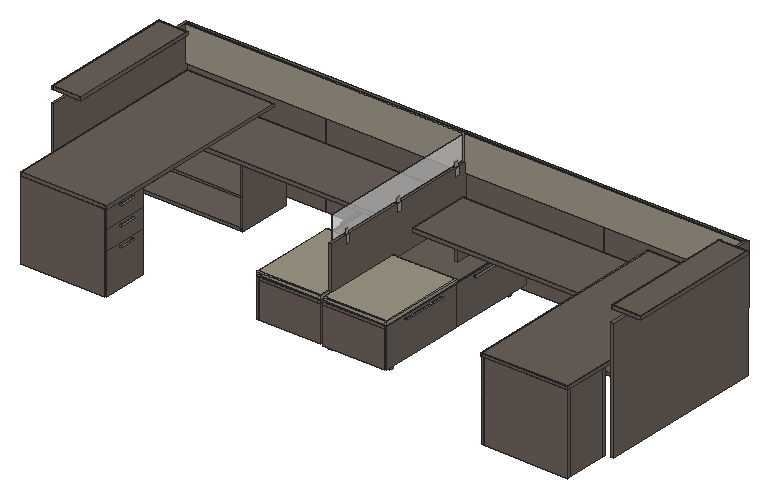
Revit family "STAKS005", category Furniture, Revit 2013 (continued)
Definition of nested family "FIRST OFFICE-STAKS-PEDESTAL W-I BEAM SUPPORT"
  Automatic sketch dimensions
    Extrusion 5 sketch curve to level = 0' - 0"
    plane 9 to Extrusion 5 sketch curve = 0' - 1"
    Extrusion 5 sketch curve to Extrusion 5 sketch curve = 0' - 1"
    Masking region 5 sketch curve to plane 3 "Left" = 0' - 0"
    Masking region 5 sketch curve to plane 4 "Right" = 0' - 0"
    plane 9 to Masking region 5 sketch curve = 0' - 1"
    Masking region 5 sketch curve to Masking region 5 sketch curve = 0' - 1"
    Extrusion 6 sketch curve to plane 6 "WALL Top" = 0' - 0"
    Extrusion 6 sketch curve to level = 0' - 0"
    plane 11 to Extrusion 6 sketch curve = 0' - 1"
    Extrusion 6 sketch curve to Extrusion 6 sketch curve = 0' - 1"
    Masking region 6 sketch curve to plane 3 "Left" = 0' - 0"
    Masking region 6 sketch curve to plane 4 "Right" = 0' - 0"
    plane 11 to Masking region 6 sketch curve = 0' - 1"
    Masking region 6 sketch curve to Masking region 6 sketch curve = 0' - 1"
Definition of nested family "FIRST OFFICE-STAKS-PEDESTALS-BENCH HEIGHT DOUBLE W-I BEAM-48W TO 72W"
  Parameters (values of type "FIRST OFFICE-STAKS-BENCH HEIGHT DOUBLE W/I-BEAM 48 X 22")
    URL = "http://www.firstoffice.com/products/crossover/staks/"
    OPEN SHELF [instance] = no
    OPEN [instance] = yes
    Model = "6-R4822DSHC"
    Manufacturer = "FIRST OFFICE-STAKS"
    MANUFACTURERS' CODE = "FOF"
    FILE FRONT [instance] = no
    ENVIRONMENTAL = "http://www.firstoffice.com/products/crossover/staks/"
    Description = "48 X 22 BENCH HEIGHT DOUBLE W/I-BEAM PEDESTAL"
    PEDESTAL WIDTH = 4' - 0"
    DOUBLE DOOR [instance] = no
    SLIDING DOOR [instance] = no
    CATALOG CODE = "FST"
    Assembly Code = ""
  Types (3): name | Model | Description | PEDESTAL WIDTH
    FIRST OFFICE-STAKS-BENCH HEIGHT DOUBLE W/I-BEAM 48 X 22 | "6-R4822DSHC" | "48 X 22 BENCH HEIGHT DOUBLE W/I-BEAM PEDESTAL" | 4' - 0"
    FIRST OFFICE-STAKS-BENCH HEIGHT DOUBLE W/I-BEAM 60 X 22 | "6-R6022DSHC" | "60 X 22 BENCH HEIGHT DOUBLE W/I-BEAM PEDESTAL" | 5' - 0"
    FIRST OFFICE-STAKS-BENCH HEIGHT DOUBLE W/I-BEAM 72 X 22 | "6-R7222DSHC" | "72 X 22 BENCH HEIGHT DOUBLE W/I-BEAM PEDESTAL" | 6' - 0"
  Reference planes (in)
    plane 1: z = -0.125
    plane 2 "Cabinet Center": x = -0.02289
    plane 3 "Left": x = -12.02289
    plane 4 "CENTER LEFT/RIGHT": x = 11.97711
    plane 5 "CABINET FRONT": y = 1.37535
    plane 6 "PEDESTAL TOP": z = 16.375
    plane 7 "DRAWER FRONT": y = 0.62535
    plane 8: x = -11.96039
    plane 9: x = 11.91411
    plane 10: z = 16.25
    plane 11: z = 15.375
    plane 12: x = 11.22711
    plane 13: x = -11.27289
    plane 14 "BACK": y = 22.50035
    plane 15: x = -0.08539
    plane 16: x = 0.03961
    plane 17: x = -6.02289
    plane 18: x = 5.97686
    plane 19: x = -7.77289
    plane 20: x = 7.72711
    plane 21: x = 23.97711
    plane 22: x = 35.97711
    plane 23: x = 12.03961
    plane 24: x = 35.91411
    plane 25: x = 35.22711
    plane 26: x = 12.72711
    plane 27: x = 23.91461
    plane 28: x = 24.03961
    plane 29: x = 17.97711
    plane 30: x = 29.97686
    plane 31: x = 16.22711
    plane 32: x = 31.72711
    plane 33: z = 2.875
    plane 34: z = 2.9375
    plane 35: z = 3.625
    plane 36: z = 3.875
  Forms (in)
    Extrusion 1, solid, material "STAKS PEDESTAL"
      sketch origin (0, -1.24965, 0) x (1, 0, 0) y (0, 0, 1)
        loop
          line (-12.02289, 2.875) -> (-11.27289, 2.875) -> (-11.27289, 15.375) -> (-12.02289, 15.375) -> (-12.02289, 2.875)
      from -23.75 to -2.625
    Extrusion 2, solid, material "STAKS PEDESTAL"
      sketch origin (9, -1.24965, 0) x (1, 0, 0) y (0, 0, 1)
        loop
          line (2.22711, 2.875) -> (2.97711, 2.875) -> (2.97711, 15.375) -> (2.22711, 15.375) -> (2.22711, 2.875)
      from -23.75 to -2.625
    Extrusion 3, solid, material "STAKS PEDESTAL"
      sketch origin (19.35211, 29.02324, 0) x (0, 1, 0) y (0, 0, 1)
        loop
          line (-7.27289, 2.875) -> (-6.52289, 2.875) -> (-6.52289, 15.375) -> (-7.27289, 15.375) -> (-7.27289, 2.875)
      from -30.625 to -8.125
    Extrusion 4, solid, material "STAKS PULL", visible <- "DOUBLE DOOR"
      sketch origin (0, 0, 21.875) x (1, 0, 0) y (0, 1, 0)
        loop
          line (-8.74164, 0.62535) -> (-8.74164, -0.37465) -> (-3.30414, -0.37465) -> (-3.30414, 0.62535) -> (-3.67914, 0.62535) -> (-3.67914, -0.18715) -> (-8.36664, -0.18715) -> (-8.36664, 0.62535) -> (-8.74164, 0.62535)
      from -6.34375 to -5.875
    Extrusion 5, solid, material "STAKS PULL", visible <- "FILE FRONT"
      sketch origin (0, 0, 22.375) x (1, 0, 0) y (0, 1, 0)
        loop
          line (-7.77289, 0.62535) -> (-7.77289, -0.37465) -> (7.72711, -0.37465) -> (7.72711, 0.62535) -> (7.35211, 0.62535) -> (7.35211, -0.18715) -> (-7.39789, -0.18715) -> (-7.39789, 0.62535) -> (-7.77289, 0.62535)
      from -6.84375 to -6.375
    Extrusion 6, solid, material "STAKS PULL", visible <- "DOUBLE DOOR"
      sketch origin (14.99975, 0, 21.875) x (1, 0, 0) y (0, 1, 0)
        loop
          line (-11.74164, 0.62535) -> (-11.74164, -0.37465) -> (-6.30414, -0.37465) -> (-6.30414, 0.62535) -> (-6.67914, 0.62535) -> (-6.67914, -0.18715) -> (-11.36664, -0.18715) -> (-11.36664, 0.62535) -> (-11.74164, 0.62535)
      from -6.34375 to -5.875
    Extrusion 7, solid, material "STAKS PEDESTAL", visible <- "SLIDING DOOR"
      sketch origin (0, 10.87535, -25) x (1, 0, 0) y (0, 0, 1)
        loop
          line (-11.27289, 28.875) -> (-11.27289, 27.875) -> (11.22711, 27.875) -> (11.22711, 28.875) -> (-11.27289, 28.875)
      from -10.875 to 9.5
    Extrusion 8, solid, material "STAKS DOOR", visible <- "DOUBLE DOOR"
      sketch origin (-0.02289, -46.75, -6.43015) x (0, 1, 0) y (0, 0, 1)
        loop
          line (47.37535, 22.68015) -> (47.37535, 9.36765) -> (48.12535, 9.36765) -> (48.12535, 22.68015) -> (47.37535, 22.68015)
      from -11.9375 to -0.0625
    Extrusion 9, solid, material "STAKS DOOR", visible <- "DOUBLE DOOR"
      sketch origin (12.64895, -45.25, -0.18015) x (0, 1, 0) y (0, 0, 1)
        loop
          line (45.87535, 16.43015) -> (45.87535, 3.11765) -> (46.62535, 3.11765) -> (46.62535, 16.43015) -> (45.87535, 16.43015)
      from -12.60934 to -0.73484
    Extrusion 10, void
      sketch origin (-0.02289, 0, 3) x (0, 1, 0) y (0, 0, 1)
        loop
          line (1.75035, 0.875) -> (1.75035, 0.5) -> (2.06285, 0.5) -> (2.06285, 0.875) -> (1.75035, 0.875)
      from -11.25 to 11.25
    Extrusion 11, void
      sketch origin (-0.02289, 0, 25.875) x (0, 1, 0) y (0, 0, 1)
        loop
          line (1.75035, -10.125) -> (1.75035, -10.5) -> (2.06285, -10.5) -> (2.06285, -10.125) -> (1.75035, -10.125)
      from -11.25 to 11.25
    Extrusion 12, solid, material "STAKS PEDESTAL", visible <- "SLIDING DOOR"
      sketch origin (6.01041, 13.62535, -0.98959) x (1, 0, 0) y (0, 0, 1)
        loop
          line (-18.0333, 17.36459) -> (-18.0333, 16.36459) -> (29.9667, 16.36459) -> (29.9667, 17.36459) -> (-18.0333, 17.36459)
      from -8.875 to 12.25
    Extrusion 13, solid, material "STAKS PEDESTAL", visible <- "SLIDING DOOR"
      sketch origin (-2.625, -1.24965, 0) x (1, 0, 0) y (0, 0, 1)
        loop
          line (2.22711, 3.875) -> (2.97711, 3.875) -> (2.97711, 15.375) -> (2.22711, 15.375) -> (2.22711, 3.875)
      from -23 to -3.4375
    Extrusion 14, solid, material "STAKS SHELF", visible <- "OPEN SHELF"
      sketch origin (-12.75, 1.87535, -8.66662) x (1, 0, 0) y (0, 0, 1)
        loop
          line (1.47711, 18.54162) -> (1.47711, 17.79162) -> (23.97711, 17.79162) -> (23.97711, 18.54162) -> (1.47711, 18.54162)
      from -19.875 to 0.375
    Extrusion 15, solid, material "STAKS FILE 1", visible <- "FILE FRONT"
      sketch origin (-0.02289, -50.63309, -0.18015) x (0, 1, 0) y (0, 0, 1)
        loop
          line (51.25844, 16.43015) -> (51.25844, 3.11765) -> (52.00844, 3.11765) -> (52.00844, 16.43015) -> (51.25844, 16.43015)
      from -11.9375 to 11.937
    Extrusion 16, solid, material "STAKS DOOR", visible <- "SLIDING DOOR"
      sketch origin (-0.02289, -52.25, -6.43015) x (0, 1, 0) y (0, 0, 1)
        loop
          line (52.87535, 22.68015) -> (52.87535, 9.36765) -> (53.62535, 9.36765) -> (53.62535, 22.68015) -> (52.87535, 22.68015)
      from -11.9375 to -0.0625
    Extrusion 17, solid, material "STAKS PEDESTAL", visible <- "OPEN"
      sketch origin (6.01041, 13.62535, 5.26041) x (1, 0, 0) y (0, 0, 1)
        loop
          line (-18.0333, 11.11459) -> (-18.0333, 10.11459) -> (29.9667, 10.11459) -> (29.9667, 11.11459) -> (-18.0333, 11.11459)
      from -8.875 to 12.25
    Extrusion 18, solid, material "STAKS PEDESTAL", visible <- "OPEN"
      sketch origin (0, 10.87535, -29.75) x (1, 0, 0) y (0, 0, 1)
        loop
          line (-11.27289, 33.375) -> (-11.27289, 32.625) -> (11.22711, 32.625) -> (11.22711, 33.375) -> (-11.27289, 33.375)
      from -10.875 to 9.5
    Extrusion 19, solid, material "STAKS PEDESTAL"
      sketch origin (24, -1.24965, 0) x (1, 0, 0) y (0, 0, 1)
        loop
          line (-12.02289, 2.875) -> (-11.27289, 2.875) -> (-11.27289, 15.375) -> (-12.02289, 15.375) -> (-12.02289, 2.875)
      from -23.75 to -2.625
    Extrusion 20, solid, material "STAKS PEDESTAL"
      sketch origin (33, -1.24965, 0) x (1, 0, 0) y (0, 0, 1)
        loop
          line (2.22711, 2.875) -> (2.97711, 2.875) -> (2.97711, 15.375) -> (2.22711, 15.375) -> (2.22711, 2.875)
      from -23.75 to -2.625
    Extrusion 21, solid, material "STAKS PEDESTAL"
      sketch origin (43.35211, 29.02324, 0) x (0, 1, 0) y (0, 0, 1)
        loop
          line (-7.27289, 2.875) -> (-6.52289, 2.875) -> (-6.52289, 15.375) -> (-7.27289, 15.375) -> (-7.27289, 2.875)
      from -30.625 to -8.125
    Extrusion 22, solid, material "STAKS PULL", visible <- "DOUBLE DOOR"
      sketch origin (24, 0, 21.875) x (1, 0, 0) y (0, 1, 0)
        loop
          line (-8.74164, 0.62535) -> (-8.74164, -0.37465) -> (-3.30414, -0.37465) -> (-3.30414, 0.62535) -> (-3.67914, 0.62535) -> (-3.67914, -0.18715) -> (-8.36664, -0.18715) -> (-8.36664, 0.62535) -> (-8.74164, 0.62535)
      from -6.34375 to -5.875
    Extrusion 23, solid, material "STAKS PULL", visible <- "FILE FRONT"
      sketch origin (24, 0, 22.375) x (1, 0, 0) y (0, 1, 0)
        loop
          line (-7.77289, 0.62535) -> (-7.77289, -0.37465) -> (7.72711, -0.37465) -> (7.72711, 0.62535) -> (7.35211, 0.62535) -> (7.35211, -0.18715) -> (-7.39789, -0.18715) -> (-7.39789, 0.62535) -> (-7.77289, 0.62535)
      from -6.84375 to -6.375
    Extrusion 24, solid, material "STAKS PULL", visible <- "DOUBLE DOOR"
      sketch origin (38.99975, 0, 21.875) x (1, 0, 0) y (0, 1, 0)
        loop
          line (-11.74164, 0.62535) -> (-11.74164, -0.37465) -> (-6.30414, -0.37465) -> (-6.30414, 0.62535) -> (-6.67914, 0.62535) -> (-6.67914, -0.18715) -> (-11.36664, -0.18715) -> (-11.36664, 0.62535) -> (-11.74164, 0.62535)
      from -6.34375 to -5.875
    Extrusion 25, solid, material "STAKS PEDESTAL", visible <- "SLIDING DOOR"
      sketch origin (24, 10.87535, -23.5) x (1, 0, 0) y (0, 0, 1)
        loop
          line (-11.27289, 27.375) -> (-11.27289, 26.375) -> (11.22711, 26.375) -> (11.22711, 27.375) -> (-11.27289, 27.375)
      from -10.875 to 9.5
    Extrusion 26, solid, material "STAKS DOOR", visible <- "DOUBLE DOOR"
      sketch origin (23.97711, -46.75, -6.43015) x (0, 1, 0) y (0, 0, 1)
        loop
          line (47.37535, 22.68015) -> (47.37535, 9.36765) -> (48.12535, 9.36765) -> (48.12535, 22.68015) -> (47.37535, 22.68015)
      from -11.9375 to -0.0625
    Extrusion 27, solid, material "STAKS DOOR", visible <- "DOUBLE DOOR"
      sketch origin (36.64895, -45.25, -0.18015) x (0, 1, 0) y (0, 0, 1)
        loop
          line (45.87535, 16.43015) -> (45.87535, 3.11765) -> (46.62535, 3.11765) -> (46.62535, 16.43015) -> (45.87535, 16.43015)
      from -12.60934 to -0.73484
    Extrusion 28, void
      sketch origin (23.97711, 0, 3) x (0, 1, 0) y (0, 0, 1)
        loop
          line (1.75035, 0.875) -> (1.75035, 0.5) -> (2.06285, 0.5) -> (2.06285, 0.875) -> (1.75035, 0.875)
      from -11.25 to 11.25
    Extrusion 29, void
      sketch origin (23.97711, 0, 25.875) x (0, 1, 0) y (0, 0, 1)
        loop
          line (1.75035, -10.125) -> (1.75035, -10.5) -> (2.06285, -10.5) -> (2.06285, -10.125) -> (1.75035, -10.125)
      from -11.25 to 11.25
    Extrusion 30, solid, material "STAKS PEDESTAL", visible <- "SLIDING DOOR"
      sketch origin (21.375, -1.24965, 0) x (1, 0, 0) y (0, 0, 1)
        loop
          line (2.22711, 3.875) -> (2.97711, 3.875) -> (2.97711, 15.375) -> (2.22711, 15.375) -> (2.22711, 3.875)
      from -23 to -3.4375
    Extrusion 31, solid, material "STAKS SHELF", visible <- "OPEN SHELF"
      sketch origin (11.25, 1.87535, -8.66662) x (1, 0, 0) y (0, 0, 1)
        loop
          line (1.47711, 18.54162) -> (1.47711, 17.79162) -> (23.97711, 17.79162) -> (23.97711, 18.54162) -> (1.47711, 18.54162)
      from -19.875 to 0.375
    Extrusion 32, solid, material "STAKS FILE 1", visible <- "FILE FRONT"
      sketch origin (23.97711, -50.63309, -0.18015) x (0, 1, 0) y (0, 0, 1)
        loop
          line (51.25844, 16.43015) -> (51.25844, 3.11765) -> (52.00844, 3.11765) -> (52.00844, 16.43015) -> (51.25844, 16.43015)
      from -11.9375 to 11.937
    Extrusion 33, solid, material "STAKS DOOR", visible <- "SLIDING DOOR"
      sketch origin (23.97711, -52.25, -6.43015) x (0, 1, 0) y (0, 0, 1)
        loop
          line (52.87535, 22.68015) -> (52.87535, 9.36765) -> (53.62535, 9.36765) -> (53.62535, 22.68015) -> (52.87535, 22.68015)
      from -11.9375 to -0.0625
    Extrusion 34, solid, material "STAKS PEDESTAL", visible <- "OPEN"
      sketch origin (24, 10.87535, -29.75) x (1, 0, 0) y (0, 0, 1)
        loop
          line (-11.27289, 33.375) -> (-11.27289, 32.625) -> (11.22711, 32.625) -> (11.22711, 33.375) -> (-11.27289, 33.375)
      from -10.875 to 9.5
    Extrusion 35, solid, material "STAKS PEDESTAL", visible <- "DOUBLE DOOR"
      sketch origin (0, 10.87535, -30.90681) x (1, 0, 0) y (0, 0, 1)
        loop
          line (-11.27289, 34.53181) -> (-11.27289, 33.78181) -> (11.22711, 33.78181) -> (11.22711, 34.53181) -> (-11.27289, 34.53181)
      from -10.875 to 9.5
    Extrusion 36, solid, material "STAKS PEDESTAL", visible <- "DOUBLE DOOR"
      sketch origin (24, 10.87535, -30.90681) x (1, 0, 0) y (0, 0, 1)
        loop
          line (-11.27289, 34.53181) -> (-11.27289, 33.78181) -> (11.22711, 33.78181) -> (11.22711, 34.53181) -> (-11.27289, 34.53181)
      from -10.875 to 9.5
    Extrusion 37, solid, material "STAKS PEDESTAL", visible <- "FILE FRONT"
      sketch origin (0, 10.87535, -32.01735) x (1, 0, 0) y (0, 0, 1)
        loop
          line (-11.27289, 35.64235) -> (-11.27289, 34.89235) -> (11.22711, 34.89235) -> (11.22711, 35.64235) -> (-11.27289, 35.64235)
      from -10.875 to 9.5
    Extrusion 38, solid, material "STAKS PEDESTAL", visible <- "FILE FRONT"
      sketch origin (24, 10.87535, -32.01735) x (1, 0, 0) y (0, 0, 1)
        loop
          line (-11.27289, 35.64235) -> (-11.27289, 34.89235) -> (11.22711, 34.89235) -> (11.22711, 35.64235) -> (-11.27289, 35.64235)
      from -10.875 to 9.5
    Extrusion 39, solid, material "STAKS PEDESTAL", visible <- "OPEN SHELF"
      sketch origin (0, 10.87535, -33.01735) x (1, 0, 0) y (0, 0, 1)
        loop
          line (-11.27289, 36.64235) -> (-11.27289, 35.89235) -> (11.22711, 35.89235) -> (11.22711, 36.64235) -> (-11.27289, 36.64235)
      from -10.875 to 9.5
    Extrusion 40, solid, material "STAKS PEDESTAL", visible <- "OPEN SHELF"
      sketch origin (24, 10.87535, -33.01735) x (1, 0, 0) y (0, 0, 1)
        loop
          line (-11.27289, 36.64235) -> (-11.27289, 35.89235) -> (11.22711, 35.89235) -> (11.22711, 36.64235) -> (-11.27289, 36.64235)
      from -10.875 to 9.5
    Extrusion 41, solid, material "STAKS PEDESTAL", visible <- "DOUBLE DOOR"
      sketch origin (6.01041, 13.62535, 3.76041) x (1, 0, 0) y (0, 0, 1)
        loop
          line (-18.0333, 12.61459) -> (-18.0333, 11.61459) -> (29.9667, 11.61459) -> (29.9667, 12.61459) -> (-18.0333, 12.61459)
      from -8.875 to 12.25
    Extrusion 42, solid, material "STAKS PEDESTAL", visible <- "FILE FRONT"
      sketch origin (6.01041, 13.62535, 2.26041) x (1, 0, 0) y (0, 0, 1)
        loop
          line (-18.0333, 14.11459) -> (-18.0333, 13.11459) -> (29.9667, 13.11459) -> (29.9667, 14.11459) -> (-18.0333, 14.11459)
      from -8.875 to 12.25
    Extrusion 43, solid, material "STAKS PEDESTAL", visible <- "OPEN SHELF"
      sketch origin (6.01041, 13.62535, 0.76041) x (1, 0, 0) y (0, 0, 1)
        loop
          line (-18.0333, 15.61459) -> (-18.0333, 14.61459) -> (29.9667, 14.61459) -> (29.9667, 15.61459) -> (-18.0333, 15.61459)
      from -8.875 to 12.25
  Cuts and joins
    Extrusion 10, Extrusion 11, Extrusion 28 cuts Extrusion 7
    Extrusion 11, Extrusion 29 cuts Extrusion 12
    Extrusion 28 cuts Extrusion 1
    Extrusion 28 cuts Extrusion 2
    Extrusion 28 cuts Extrusion 18
    Extrusion 28 cuts Extrusion 19
    Extrusion 28 cuts Extrusion 25
  Lines and regions (in)
    Masking region 1, not visible
      outline origin (0, 0, -0.125) x (1, 0, 0) y (0, 1, 0)
        loop
          line (-11.96039, 1.37535) -> (-11.96039, 0.62535) -> (11.91411, 0.62535) -> (11.91411, 1.37535) -> (-11.96039, 1.37535)
    Masking region 2, visible <- "DOUBLE DOOR"
      outline origin (-6, 0, 0) x (1, 0, 0) y (0, 1, 0)
        loop
          line (-2.74164, 0.62535) -> (-2.74164, -0.37465) -> (2.69586, -0.37465) -> (2.69586, 0.62535) -> (2.32086, 0.62535) -> (2.32086, -0.18715) -> (-2.36664, -0.18715) -> (-2.36664, 0.62535) -> (-2.74164, 0.62535)
    Masking region 3, visible <- "DOUBLE DOOR"
      outline origin (8.99975, 0, 0) x (1, 0, 0) y (0, 1, 0)
        loop
          line (-5.74164, 0.62535) -> (-5.74164, -0.37465) -> (-0.30414, -0.37465) -> (-0.30414, 0.62535) -> (-0.67914, 0.62535) -> (-0.67914, -0.18715) -> (-5.36664, -0.18715) -> (-5.36664, 0.62535) -> (-5.74164, 0.62535)
    Masking region 4, visible <- "SLIDING DOOR"
      outline origin (0, 0, -0.125) x (1, 0, 0) y (0, 1, 0)
        loop
          line (-11.96039, 1.37535) -> (-11.96039, 0.62535) -> (-0.08539, 0.62535) -> (-0.08539, 1.37535) -> (-11.96039, 1.37535)
    Masking region 5, not visible
      outline origin (0, 0, -0.125) x (1, 0, 0) y (0, 1, 0)
        loop
          line (-7.77289, 0.62535) -> (-7.77289, -0.37465) -> (7.72711, -0.37465) -> (7.72711, 0.62535) -> (7.35211, 0.62535) -> (7.35211, -0.18715) -> (-7.39789, -0.18715) -> (-7.39789, 0.62535) -> (-7.77289, 0.62535)
    Masking region 6, visible <- "DOUBLE DOOR"
      outline origin (0, 0, -0.125) x (1, 0, 0) y (0, 1, 0)
        loop
          line (0.03961, 1.37535) -> (0.03961, 0.62535) -> (11.91411, 0.62535) -> (11.91411, 1.37535) -> (0.03961, 1.37535)
    Masking region 7, visible <- "FILE FRONT"
      outline origin (0, -2.59456, -0.125) x (1, 0, 0) y (0, 1, 0)
        loop
          line (-11.96039, 3.96991) -> (-11.96039, 3.21991) -> (11.91411, 3.21991) -> (11.91411, 3.96991) -> (-11.96039, 3.96991)
    Masking region 8, not visible
      outline origin (24, 0, -0.125) x (1, 0, 0) y (0, 1, 0)
        loop
          line (-11.96039, 1.37535) -> (-11.96039, 0.62535) -> (11.91411, 0.62535) -> (11.91411, 1.37535) -> (-11.96039, 1.37535)
    Masking region 9
      outline origin (24, 0, -0.125) x (1, 0, 0) y (0, 1, 0)
        loop
          line (-36.02289, 1.37535) -> (11.97711, 1.37535) -> (11.97711, 22.50035) -> (-36.02289, 22.50035) -> (-36.02289, 1.37535)
    Masking region 10, visible <- "DOUBLE DOOR"
      outline origin (18, 0, 0) x (1, 0, 0) y (0, 1, 0)
        loop
          line (-2.74164, 0.62535) -> (-2.74164, -0.37465) -> (2.69586, -0.37465) -> (2.69586, 0.62535) -> (2.32086, 0.62535) -> (2.32086, -0.18715) -> (-2.36664, -0.18715) -> (-2.36664, 0.62535) -> (-2.74164, 0.62535)
    Masking region 11, visible <- "DOUBLE DOOR"
      outline origin (32.99975, 0, 0) x (1, 0, 0) y (0, 1, 0)
        loop
          line (-5.74164, 0.62535) -> (-5.74164, -0.37465) -> (-0.30414, -0.37465) -> (-0.30414, 0.62535) -> (-0.67914, 0.62535) -> (-0.67914, -0.18715) -> (-5.36664, -0.18715) -> (-5.36664, 0.62535) -> (-5.74164, 0.62535)
    Masking region 12, visible <- "SLIDING DOOR"
      outline origin (24, 0, -0.125) x (1, 0, 0) y (0, 1, 0)
        loop
          line (-11.96039, 1.37535) -> (-11.96039, 0.62535) -> (-0.08539, 0.62535) -> (-0.08539, 1.37535) -> (-11.96039, 1.37535)
    Masking region 13, not visible
      outline origin (24, 0, -0.125) x (1, 0, 0) y (0, 1, 0)
        loop
          line (-7.77289, 0.62535) -> (-7.77289, -0.37465) -> (7.72711, -0.37465) -> (7.72711, 0.62535) -> (7.35211, 0.62535) -> (7.35211, -0.18715) -> (-7.39789, -0.18715) -> (-7.39789, 0.62535) -> (-7.77289, 0.62535)
    Masking region 14, visible <- "DOUBLE DOOR"
      outline origin (24, 0, -0.125) x (1, 0, 0) y (0, 1, 0)
        loop
          line (0.03961, 1.37535) -> (0.03961, 0.62535) -> (11.91411, 0.62535) -> (11.91411, 1.37535) -> (0.03961, 1.37535)
    Masking region 15, visible <- "FILE FRONT"
      outline origin (24, -2.59456, -0.125) x (1, 0, 0) y (0, 1, 0)
        loop
          line (-11.96039, 3.96991) -> (-11.96039, 3.21991) -> (11.91411, 3.21991) -> (11.91411, 3.96991) -> (-11.96039, 3.96991)
    Masking region 16, visible <- "DOUBLE DOOR"
      outline origin (0, -2.13682, -0.125) x (1, 0, 0) y (0, 1, 0)
        loop
          line (-11.96039, 3.51217) -> (-11.96039, 2.76217) -> (-0.08539, 2.76217) -> (-0.08539, 3.51217) -> (-11.96039, 3.51217)
    Masking region 17, visible <- "DOUBLE DOOR"
      outline origin (24, -2.25, -0.125) x (1, 0, 0) y (0, 1, 0)
        loop
          line (-11.96039, 3.62535) -> (-11.96039, 2.87535) -> (-0.08539, 2.87535) -> (-0.08539, 3.62535) -> (-11.96039, 3.62535)
    Masking region 18, visible <- "FILE FRONT"
      outline origin (0, -2.25, -0.125) x (1, 0, 0) y (0, 1, 0)
        loop
          line (-7.77289, 2.87535) -> (-7.77289, 1.87535) -> (7.72711, 1.87535) -> (7.72711, 2.87535) -> (7.35211, 2.87535) -> (7.35211, 2.06285) -> (-7.39789, 2.06285) -> (-7.39789, 2.87535) -> (-7.77289, 2.87535)
    Masking region 19, visible <- "FILE FRONT"
      outline origin (24, -2.25, -0.125) x (1, 0, 0) y (0, 1, 0)
        loop
          line (-7.77289, 2.87535) -> (-7.77289, 1.87535) -> (7.72711, 1.87535) -> (7.72711, 2.87535) -> (7.35211, 2.87535) -> (7.35211, 2.06285) -> (-7.39789, 2.06285) -> (-7.39789, 2.87535) -> (-7.77289, 2.87535)
  Dimensions and locks (in)
    locked: plane 7 "DRAWER FRONT" to plane 5 "CABINET FRONT" at 0.75
    locked: plane 3 "Left" to plane 8 at 0.0625
    locked: plane 9 to plane 4 "CENTER LEFT/RIGHT" at 0.063
    locked: plane 6 "PEDESTAL TOP" to plane 10 at 0.125
    locked: plane 14 "BACK" to plane 7 "DRAWER FRONT" at 21.875
    locked: plane 3 "Left" to plane 13 at 0.75
    locked: plane 12 to plane 4 "CENTER LEFT/RIGHT" at 0.75
    locked: plane 15 to plane 2 "Cabinet Center" at 0.0625
    locked: plane 2 "Cabinet Center" to plane 16 at 0.0625
    equal spacing: plane 8, plane 17, plane 15
    equal spacing: plane 16, plane 18, plane 9
    Masking region 2 to plane 17 to Masking region 2 = 0' - 2 23/32" locked, 0' - 2 23/32" locked
    Extrusion 6 to plane 18 to Extrusion 6 = 0' - 2 23/32" locked, 0' - 2 23/32" locked
    plane 19 to plane 2 "Cabinet Center" to plane 20 = 0' - 7 3/4" locked, 0' - 7 3/4" locked
    locked: Extrusion 5 to Extrusion 5 at 0.375  (x2)
    locked: cut or joined group of Extrusion 11, Extrusion 12, Extrusion 29 to Extrusion 13 at 0.125
    equal spacing: Extrusion 13, plane 2 "Cabinet Center", Extrusion 13, locked at 0.375 each
    locked: Extrusion 14 to Extrusion 1 at 0.125
    locked: plane 10 to Extrusion 4 at 0.25
    locked: Extrusion 4 to Extrusion 4 at 0.46875
    locked: plane 14 "BACK" to Extrusion 3 at 0.75
    locked: plane 6 "PEDESTAL TOP" to plane 11 at 1
    locked: Extrusion 14 to Extrusion 14 at 0.75
    locked: plane 24 to plane 22 at 0.063
    locked: plane 25 to plane 22 at 0.75
    locked: plane 27 to plane 21 at 0.0625
    locked: plane 21 to plane 28 at 0.0625
    equal spacing: plane 23, plane 29, plane 27
    equal spacing: plane 28, plane 30, plane 24
    Masking region 10 to plane 29 to Masking region 10 = 0' - 2 23/32" locked, 0' - 2 23/32" locked
    Extrusion 24 to plane 30 to Extrusion 24 = 0' - 2 23/32" locked, 0' - 2 23/32" locked
    plane 31 to plane 21 to plane 32 = 0' - 7 3/4" locked, 0' - 7 3/4" locked
    locked: Extrusion 23 to Extrusion 23 at 0.375  (x2)
    equal spacing: Extrusion 30, plane 21, Extrusion 30, locked at 0.375 each
    locked: Extrusion 31 to Extrusion 19 at 0.125
    locked: Extrusion 22 to Extrusion 22 at 0.46875
    locked: Extrusion 31 to Extrusion 31 at 0.75
    locked: plane 4 "CENTER LEFT/RIGHT" to plane 23 at 0.0625
    locked: plane 4 "CENTER LEFT/RIGHT" to plane 26 at 0.75
    equal spacing: plane 3 "Left", plane 2 "Cabinet Center", plane 4 "CENTER LEFT/RIGHT", plane 21, plane 22
    "PEDESTAL WIDTH": plane 3 "Left" to plane 22
    locked: plane 34 to plane 33 at 0.0625
    locked: plane 35 to plane 33 at 0.75
    locked: plane 36 to plane 33 at 1
    locked: plane 6 "PEDESTAL TOP" to plane 33 at 13.5
    locked: plane 11 to Extrusion 14 at 5.5
    aligned: level to plane 1
    aligned and locked: Extrusion 1 to plane 14 "BACK"
    aligned and locked: plane 5 "CABINET FRONT" to Extrusion 1
    aligned: Extrusion 1 to plane 1
    aligned and locked: plane 13 to Extrusion 1
    aligned and locked: plane 4 "CENTER LEFT/RIGHT" to Extrusion 2
    aligned and locked: Extrusion 2 to plane 12
    aligned and locked: Extrusion 2 to plane 14 "BACK"
    aligned and locked: Extrusion 3 to plane 13
    aligned and locked: plane 12 to Extrusion 3
    aligned and locked: Extrusion 3 to plane 14 "BACK"
    aligned and locked: Masking region 2 to Extrusion 4  (x2)
    aligned and locked: Masking region 3 to Extrusion 6  (x2)
    aligned and locked: plane 19 to Extrusion 5
    aligned and locked: plane 20 to Extrusion 5
    aligned and locked: Extrusion 7 to Extrusion 3
    aligned and locked: plane 5 "CABINET FRONT" to Extrusion 7
    aligned and locked: Extrusion 8 to plane 8
    aligned and locked: plane 9 to Extrusion 9
    aligned and locked: Extrusion 9 to plane 16
    aligned and locked: plane 15 to Extrusion 8
    aligned and locked: plane 10 to Extrusion 9
    aligned and locked: plane 10 to Extrusion 8
    aligned and locked: Extrusion 8 to plane 5 "CABINET FRONT"
    aligned and locked: Extrusion 9 to plane 5 "CABINET FRONT"
    aligned and locked: plane 7 "DRAWER FRONT" to Extrusion 8
    aligned and locked: plane 7 "DRAWER FRONT" to Extrusion 9
    aligned: Extrusion 11 to plane 13
    aligned: plane 12 to Extrusion 11
    aligned and locked: plane 12 to cut or joined group of Extrusion 7, Extrusion 10, Extrusion 11, Extrusion 28
    aligned and locked: cut or joined group of Extrusion 7, Extrusion 10, Extrusion 11, Extrusion 28 to plane 13
    aligned: plane 10 to Extrusion 12
    aligned and locked: Extrusion 12 to plane 11
    aligned: Extrusion 12 to Extrusion 3
    aligned and locked: plane 5 "CABINET FRONT" to Extrusion 12
    aligned: cut or joined group of Extrusion 11, Extrusion 12, Extrusion 29 to plane 13
    aligned: plane 12 to cut or joined group of Extrusion 11, Extrusion 12, Extrusion 29
    aligned and locked: plane 11 to Extrusion 13
    aligned and locked: Extrusion 13 to cut or joined group of Extrusion 7, Extrusion 10, Extrusion 11, Extrusion 28
    aligned: cut or joined group of Extrusion 11, Extrusion 12, Extrusion 29 to Extrusion 13
    aligned and locked: Extrusion 14 to plane 13
    aligned and locked: plane 12 to Extrusion 14
    aligned and locked: Extrusion 14 to Extrusion 3
    aligned: cut or joined group of Extrusion 7, Extrusion 10, Extrusion 11, Extrusion 28 to plane 1
    aligned and locked: plane 10 to Extrusion 15
    aligned: plane 15 to Extrusion 15
    aligned and locked: Extrusion 15 to plane 8
    aligned and locked: Extrusion 15 to plane 5 "CABINET FRONT"
    aligned and locked: plane 7 "DRAWER FRONT" to Extrusion 15
    aligned and locked: Masking region 4 to Masking region 7
    aligned and locked: Masking region 7 to Masking region 6  (x3)
    aligned and locked: plane 11 to Extrusion 3
    aligned and locked: plane 11 to Extrusion 1
    aligned and locked: plane 10 to Extrusion 16
    aligned and locked: Extrusion 16 to plane 8
    aligned and locked: plane 15 to Extrusion 16
    aligned and locked: plane 7 "DRAWER FRONT" to Extrusion 16
    aligned and locked: plane 6 "PEDESTAL TOP" to cut or joined group of Extrusion 11, Extrusion 12, Extrusion 29
    aligned and locked: plane 11 to Extrusion 2
    aligned and locked: cut or joined group of Extrusion 11, Extrusion 12, Extrusion 29 to plane 14 "BACK"
    aligned and locked: cut or joined group of Extrusion 11, Extrusion 12, Extrusion 29 to plane 3 "Left"
    aligned and locked: cut or joined group of Extrusion 11, Extrusion 12, Extrusion 29 to plane 13
    aligned: plane 4 "CENTER LEFT/RIGHT" to cut or joined group of Extrusion 11, Extrusion 12, Extrusion 29
    aligned and locked: plane 12 to cut or joined group of Extrusion 11, Extrusion 12, Extrusion 29
    aligned and locked: plane 9 to Extrusion 15
    aligned and locked: Extrusion 17 to plane 3 "Left"
    aligned: plane 4 "CENTER LEFT/RIGHT" to Extrusion 17
    aligned and locked: plane 5 "CABINET FRONT" to Extrusion 17
    aligned and locked: Extrusion 17 to plane 14 "BACK"
    aligned and locked: Extrusion 17 to plane 11
    aligned and locked: plane 6 "PEDESTAL TOP" to Extrusion 17
    aligned and locked: plane 5 "CABINET FRONT" to Extrusion 18
    aligned and locked: cut or joined group of Extrusion 7, Extrusion 10, Extrusion 11, Extrusion 28 to Extrusion 18
    aligned and locked: Extrusion 18 to plane 13
    aligned and locked: plane 12 to Extrusion 18
    aligned: Extrusion 18 to plane 1
    aligned and locked: Extrusion 13 to Extrusion 3
    aligned and locked: Extrusion 5 to Extrusion 4  (x2)
    aligned and locked: Extrusion 6 to Extrusion 4  (x2)
    aligned and locked: plane 26 to Extrusion 19
    aligned and locked: plane 22 to Extrusion 20
    aligned and locked: Extrusion 20 to plane 25
    aligned and locked: Extrusion 21 to plane 26
    aligned and locked: plane 25 to Extrusion 21
    aligned and locked: Masking region 10 to Extrusion 22  (x2)
    aligned and locked: Masking region 11 to Extrusion 24  (x2)
    aligned and locked: plane 31 to Extrusion 23
    aligned and locked: plane 32 to Extrusion 23
    aligned and locked: Extrusion 25 to Extrusion 21
    aligned and locked: Extrusion 26 to plane 23
    aligned and locked: plane 24 to Extrusion 27
    aligned and locked: Extrusion 27 to plane 28
    aligned and locked: plane 27 to Extrusion 26
    aligned and locked: Extrusion 31 to plane 26
    aligned and locked: plane 25 to Extrusion 31
    aligned and locked: Extrusion 31 to Extrusion 21
    aligned and locked: Extrusion 32 to plane 23
    aligned and locked: Masking region 12 to Masking region 15
    aligned and locked: Masking region 15 to Masking region 14  (x3)
    aligned and locked: Extrusion 33 to plane 23
    aligned and locked: plane 27 to Extrusion 33
    aligned and locked: plane 24 to Extrusion 32
    aligned and locked: Extrusion 34 to plane 26
    aligned and locked: plane 25 to Extrusion 34
    aligned and locked: Extrusion 30 to Extrusion 21
    aligned and locked: Extrusion 23 to Extrusion 22  (x2)
    aligned and locked: Extrusion 24 to Extrusion 22  (x2)
    aligned and locked: cut or joined group of Extrusion 19, Extrusion 28 to plane 4 "CENTER LEFT/RIGHT"
    aligned and locked: plane 22 to cut or joined group of Extrusion 11, Extrusion 12, Extrusion 29
    aligned: plane 25 to cut or joined group of Extrusion 25, Extrusion 28
    aligned and locked: plane 22 to Extrusion 17
    aligned and locked: plane 25 to cut or joined group of Extrusion 25, Extrusion 28
    aligned and locked: cut or joined group of Extrusion 18, Extrusion 28 to Extrusion 36
    aligned and locked: cut or joined group of Extrusion 18, Extrusion 28 to Extrusion 35
    aligned and locked: cut or joined group of Extrusion 18, Extrusion 28 to Extrusion 38
    aligned and locked: cut or joined group of Extrusion 18, Extrusion 28 to Extrusion 37
    aligned and locked: cut or joined group of Extrusion 18, Extrusion 28 to Extrusion 40
    aligned and locked: cut or joined group of Extrusion 18, Extrusion 28 to Extrusion 39
    aligned and locked: plane 5 "CABINET FRONT" to Extrusion 36
    aligned and locked: plane 5 "CABINET FRONT" to Extrusion 35
    aligned and locked: plane 5 "CABINET FRONT" to Extrusion 38
    aligned and locked: plane 5 "CABINET FRONT" to Extrusion 37
    aligned and locked: plane 5 "CABINET FRONT" to Extrusion 40
    aligned and locked: plane 5 "CABINET FRONT" to Extrusion 39
    aligned and locked: Extrusion 35 to cut or joined group of Extrusion 18, Extrusion 28
    aligned and locked: Extrusion 36 to Extrusion 35
    aligned: Extrusion 35 to plane 1
    aligned: Extrusion 36 to plane 1
    aligned and locked: Extrusion 37 to Extrusion 35
    aligned and locked: Extrusion 38 to Extrusion 37
    aligned: Extrusion 37 to plane 1
    aligned: Extrusion 38 to plane 1
    aligned and locked: Extrusion 39 to Extrusion 37
    aligned and locked: Extrusion 40 to Extrusion 39
    aligned: Extrusion 39 to plane 1
    aligned: Extrusion 40 to plane 1
    aligned and locked: Extrusion 41 to plane 14 "BACK"
    aligned and locked: Extrusion 42 to plane 14 "BACK"
    aligned and locked: Extrusion 43 to plane 14 "BACK"
    aligned and locked: plane 5 "CABINET FRONT" to Extrusion 43
    aligned and locked: plane 5 "CABINET FRONT" to Extrusion 42
    aligned and locked: plane 5 "CABINET FRONT" to Extrusion 41
    aligned and locked: plane 6 "PEDESTAL TOP" to Extrusion 41
    aligned and locked: Extrusion 41 to plane 11
    aligned and locked: plane 6 "PEDESTAL TOP" to Extrusion 42
    aligned and locked: Extrusion 42 to plane 11
    aligned and locked: plane 6 "PEDESTAL TOP" to Extrusion 43
    aligned and locked: Extrusion 43 to plane 11
    aligned and locked: Masking region 16 to plane 8
    aligned and locked: plane 15 to Masking region 16
    aligned and locked: Masking region 16 to plane 5 "CABINET FRONT"
    aligned and locked: plane 7 "DRAWER FRONT" to Masking region 16
    aligned and locked: Masking region 17 to plane 23
    aligned and locked: plane 27 to Masking region 17
    aligned and locked: Masking region 17 to plane 5 "CABINET FRONT"
    aligned and locked: plane 7 "DRAWER FRONT" to Masking region 17
    aligned and locked: cut or joined group of Extrusion 11, Extrusion 12, Extrusion 29 to plane 26
    aligned and locked: cut or joined group of Extrusion 25, Extrusion 28 to plane 26
    aligned and locked: plane 25 to cut or joined group of Extrusion 11, Extrusion 12, Extrusion 29
    aligned and locked: Masking region 9 to plane 3 "Left"
    aligned and locked: Masking region 18 to Masking region 7
    aligned and locked: Masking region 18 to Masking region 16
    aligned and locked: Masking region 18 to Masking region 5  (x2)
    aligned and locked: Masking region 19 to Masking region 17
    aligned and locked: Masking region 19 to Masking region 15
    aligned and locked: Masking region 19 to Masking region 13  (x2)
    aligned and locked: plane 36 to cut or joined group of Extrusion 7, Extrusion 10, Extrusion 11, Extrusion 28
    aligned and locked: Extrusion 30 to plane 36
    aligned and locked: cut or joined group of Extrusion 7, Extrusion 10, Extrusion 11, Extrusion 28 to plane 33
    aligned and locked: plane 36 to cut or joined group of Extrusion 25, Extrusion 28
    aligned and locked: cut or joined group of Extrusion 25, Extrusion 28 to plane 33
    aligned and locked: plane 35 to Extrusion 39
    aligned and locked: plane 35 to Extrusion 34
    aligned and locked: Extrusion 34 to plane 33
    aligned and locked: Extrusion 39 to plane 33
    aligned and locked: Extrusion 37 to plane 33
    aligned and locked: Extrusion 35 to plane 33
    aligned and locked: cut or joined group of Extrusion 18, Extrusion 28 to plane 33
    aligned and locked: cut or joined group of Extrusion 1, Extrusion 28 to plane 33
    aligned and locked: Extrusion 36 to plane 33
    aligned and locked: cut or joined group of Extrusion 2, Extrusion 28 to plane 33
    aligned and locked: Extrusion 38 to plane 33
    aligned and locked: cut or joined group of Extrusion 19, Extrusion 28 to plane 33
    aligned and locked: Extrusion 40 to plane 33
    aligned and locked: Extrusion 20 to plane 33
    aligned and locked: Extrusion 3 to plane 33
    aligned and locked: Extrusion 21 to plane 33
    aligned and locked: Extrusion 16 to plane 34
    aligned and locked: Extrusion 15 to plane 34
    aligned and locked: Extrusion 8 to plane 34
    aligned and locked: Extrusion 9 to plane 34
    aligned and locked: Extrusion 33 to plane 34
    aligned and locked: Extrusion 32 to plane 34
    aligned and locked: Extrusion 26 to plane 34
    aligned and locked: Extrusion 27 to plane 34
  Automatic sketch dimensions
    level to Extrusion 1 sketch curve = 0' - 3"
    Extrusion 1 sketch curve to plane 3 "Left" = 0' - 0"
    Extrusion 1 sketch curve to plane 11 = 0' - 0"
    Extrusion 1 sketch curve to plane 13 = 0' - 0"
    level to Extrusion 2 sketch curve = 0' - 3"
    Extrusion 2 sketch curve to plane 12 = 0' - 0"
    Extrusion 2 sketch curve to plane 4 "CENTER LEFT/RIGHT" = 0' - 0"
    Extrusion 2 sketch curve to plane 11 = 0' - 0"
    level to Extrusion 3 sketch curve = 0' - 3"
    Extrusion 3 sketch curve to plane 11 = 0' - 0"
    Extrusion 3 sketch curve to plane 14 "BACK" = 0' - 0"
    plane 14 "BACK" to Extrusion 3 sketch curve = 0' - 0 3/4"
    plane 7 "DRAWER FRONT" to Masking region 1 sketch curve = 0' - 0"
    Masking region 1 sketch curve to plane 8 = 0' - 0"
    plane 5 "CABINET FRONT" to Masking region 1 sketch curve = 0' - 0"
    Masking region 1 sketch curve to plane 9 = 0' - 0"
    plane 7 "DRAWER FRONT" to Masking region 2 sketch curve = 0' - 0"  (x2)
    Masking region 2 sketch curve to plane 19 = 0' - 0 31/32"
    Masking region 2 sketch curve to Masking region 2 sketch curve = 0' - 0 3/8"  (x2)
    plane 7 "DRAWER FRONT" to Masking region 2 sketch curve = 0' - 0 13/16"
    plane 17 to Masking region 2 sketch curve = 0' - 2 11/32"
    Masking region 2 sketch curve to Masking region 2 sketch curve = 0' - 0 3/16"
    plane 7 "DRAWER FRONT" to Extrusion 4 sketch curve = 0' - 0"  (x2)
    Extrusion 4 sketch curve to plane 19 = 0' - 0 31/32"
    Extrusion 4 sketch curve to Extrusion 4 sketch curve = 0' - 0 3/8"  (x2)
    plane 7 "DRAWER FRONT" to Extrusion 4 sketch curve = 0' - 0 13/16"
    plane 17 to Extrusion 4 sketch curve = 0' - 2 11/32"
    Extrusion 4 sketch curve to Extrusion 4 sketch curve = 0' - 0 3/16"
    plane 7 "DRAWER FRONT" to Extrusion 5 sketch curve = 0' - 0"  (x2)
    Extrusion 5 sketch curve to plane 19 = 0' - 0"
    Extrusion 5 sketch curve to plane 20 = 0' - 0"
    plane 19 to Extrusion 5 sketch curve = 0' - 0 3/8"
    Extrusion 5 sketch curve to plane 20 = 0' - 0 3/8"
    plane 7 "DRAWER FRONT" to Extrusion 5 sketch curve = 0' - 0 13/16"
    Extrusion 5 sketch curve to Extrusion 5 sketch curve = 0' - 0 3/16"
    plane 7 "DRAWER FRONT" to Masking region 3 sketch curve = 0' - 0"  (x2)
    Masking region 3 sketch curve to plane 18 = 0' - 2 23/32"
    Masking region 3 sketch curve to Masking region 3 sketch curve = 0' - 0 3/8"  (x2)
    plane 20 to Masking region 3 sketch curve = 0' - 0.5935"
    Masking region 3 sketch curve to Masking region 3 sketch curve = 0' - 0 13/16"
    Masking region 3 sketch curve to Masking region 3 sketch curve = 0' - 0 3/16"
    plane 7 "DRAWER FRONT" to Extrusion 6 sketch curve = 0' - 0"  (x2)
    Extrusion 6 sketch curve to plane 18 = 0' - 2 23/32"
    Extrusion 6 sketch curve to Extrusion 6 sketch curve = 0' - 0 3/8"  (x2)
    plane 20 to Extrusion 6 sketch curve = 0' - 0.5935"
    Extrusion 6 sketch curve to Extrusion 6 sketch curve = 0' - 0 13/16"
    Extrusion 6 sketch curve to Extrusion 6 sketch curve = 0' - 0 3/16"
    level to Extrusion 7 sketch curve = 0' - 3"
    Extrusion 7 sketch curve to plane 13 = 0' - 0"
    Extrusion 7 sketch curve to plane 12 = 0' - 0"
    Extrusion 8 sketch curve to plane 7 "DRAWER FRONT" = 0' - 0"
    Extrusion 8 sketch curve to plane 5 "CABINET FRONT" = 0' - 0"
    Extrusion 8 sketch curve to plane 10 = 0' - 0"
    Extrusion 9 sketch curve to plane 7 "DRAWER FRONT" = 0' - 0"
    Extrusion 9 sketch curve to plane 5 "CABINET FRONT" = 0' - 0"
    Extrusion 9 sketch curve to plane 10 = 0' - 0"
    plane 7 "DRAWER FRONT" to Masking region 4 sketch curve = 0' - 0"
    Masking region 4 sketch curve to plane 8 = 0' - 0"
    plane 5 "CABINET FRONT" to Masking region 4 sketch curve = 0' - 0"
    Masking region 4 sketch curve to plane 15 = 0' - 0"
    Extrusion 10 sketch curve to plane 5 "CABINET FRONT" = 0' - 0 3/8"
    Extrusion 10 sketch curve to Extrusion 10 sketch curve = 0' - 0 5/16"
    Extrusion 10 sketch curve to Extrusion 10 sketch curve = 0' - 0 3/8"
    Extrusion 11 sketch curve to plane 11 = 0' - 0"
    Extrusion 11 sketch curve to plane 5 "CABINET FRONT" = 0' - 0 3/8"
    Extrusion 11 sketch curve to Extrusion 11 sketch curve = 0' - 0 5/16"
    plane 11 to Extrusion 11 sketch curve = 0' - 0 3/8"
    Extrusion 12 sketch curve to plane 3 "Left" = 0' - 0"
    Extrusion 12 sketch curve to plane 6 "PEDESTAL TOP" = 0' - 0"
    Extrusion 12 sketch curve to plane 22 = 0' - 0"
    Extrusion 12 sketch curve to plane 11 = 0' - 0"
    Extrusion 13 sketch curve to plane 11 = 0' - 0"
    Extrusion 13 sketch curve to plane 15 = 0' - 0 5/16"
    plane 16 to Extrusion 13 sketch curve = 0' - 0 5/16"
    Extrusion 14 sketch curve to plane 13 = 0' - 0"
    Extrusion 14 sketch curve to plane 12 = 0' - 0"
    Extrusion 14 sketch curve to Extrusion 14 sketch curve = 0' - 0 3/4"
    plane 7 "DRAWER FRONT" to Masking region 5 sketch curve = 0' - 0"  (x2)
    Masking region 5 sketch curve to plane 19 = 0' - 0"
    Masking region 5 sketch curve to plane 20 = 0' - 0"
    Masking region 5 sketch curve to Masking region 5 sketch curve = 0' - 0 3/8"
    Masking region 5 sketch curve to plane 20 = 0' - 0 3/8"
    plane 7 "DRAWER FRONT" to Masking region 5 sketch curve = 0' - 0 13/16"
    Masking region 5 sketch curve to Masking region 5 sketch curve = 0' - 0 3/16"
    Extrusion 15 sketch curve to plane 7 "DRAWER FRONT" = 0' - 0"
    Extrusion 15 sketch curve to plane 5 "CABINET FRONT" = 0' - 0"
    Extrusion 15 sketch curve to plane 10 = 0' - 0"
    plane 7 "DRAWER FRONT" to Masking region 6 sketch curve = 0' - 0"
    Masking region 6 sketch curve to plane 16 = 0' - 0"
    plane 5 "CABINET FRONT" to Masking region 6 sketch curve = 0' - 0"
    Masking region 6 sketch curve to plane 9 = 0' - 0"
    plane 7 "DRAWER FRONT" to Masking region 7 sketch curve = 0' - 0"
    Masking region 7 sketch curve to plane 8 = 0' - 0"
    plane 5 "CABINET FRONT" to Masking region 7 sketch curve = 0' - 0"
    Masking region 7 sketch curve to plane 9 = 0' - 0"
    Extrusion 16 sketch curve to plane 7 "DRAWER FRONT" = 0' - 0"
    Extrusion 16 sketch curve to plane 5 "CABINET FRONT" = 0' - 0"
    Extrusion 16 sketch curve to plane 10 = 0' - 0"
    Extrusion 17 sketch curve to plane 3 "Left" = 0' - 0"
    Extrusion 17 sketch curve to plane 6 "PEDESTAL TOP" = 0' - 0"
    Extrusion 17 sketch curve to plane 22 = 0' - 0"
    Extrusion 17 sketch curve to plane 11 = 0' - 0"
    level to Extrusion 18 sketch curve = 0' - 3"
    Extrusion 18 sketch curve to plane 13 = 0' - 0"
    Extrusion 18 sketch curve to plane 12 = 0' - 0"
    level to Extrusion 19 sketch curve = 0' - 3"
    Extrusion 19 sketch curve to plane 4 "CENTER LEFT/RIGHT" = 0' - 0"
    Extrusion 19 sketch curve to plane 11 = 0' - 0"
    Extrusion 19 sketch curve to plane 26 = 0' - 0"
    level to Extrusion 20 sketch curve = 0' - 3"
    Extrusion 20 sketch curve to plane 25 = 0' - 0"
    Extrusion 20 sketch curve to plane 11 = 0' - 0"
    Extrusion 20 sketch curve to plane 22 = 0' - 0"
    level to Extrusion 21 sketch curve = 0' - 3"
    Extrusion 21 sketch curve to plane 11 = 0' - 0"
    Extrusion 21 sketch curve to plane 14 "BACK" = 0' - 0"
    Extrusion 21 sketch curve to Extrusion 21 sketch curve = 0' - 0 3/4"
    plane 7 "DRAWER FRONT" to Masking region 8 sketch curve = 0' - 0"
    Masking region 8 sketch curve to plane 23 = 0' - 0"
    plane 5 "CABINET FRONT" to Masking region 8 sketch curve = 0' - 0"
    Masking region 8 sketch curve to plane 24 = 0' - 0"
    Masking region 9 sketch curve to plane 3 "Left" = 0' - 0"
    plane 14 "BACK" to Masking region 9 sketch curve = 0' - 0"
    Masking region 9 sketch curve to plane 22 = 0' - 0"
    plane 5 "CABINET FRONT" to Masking region 9 sketch curve = 0' - 0"
    plane 7 "DRAWER FRONT" to Masking region 10 sketch curve = 0' - 0"  (x2)
    Masking region 10 sketch curve to plane 31 = 0' - 0 31/32"
    Masking region 10 sketch curve to Masking region 10 sketch curve = 0' - 0 3/8"  (x2)
    plane 7 "DRAWER FRONT" to Masking region 10 sketch curve = 0' - 0 13/16"
    plane 29 to Masking region 10 sketch curve = 0' - 2 11/32"
    Masking region 10 sketch curve to Masking region 10 sketch curve = 0' - 0 3/16"
    plane 7 "DRAWER FRONT" to Extrusion 22 sketch curve = 0' - 0"  (x2)
    Extrusion 22 sketch curve to plane 31 = 0' - 0 31/32"
    Extrusion 22 sketch curve to Extrusion 22 sketch curve = 0' - 0 3/8"  (x2)
    plane 7 "DRAWER FRONT" to Extrusion 22 sketch curve = 0' - 0 13/16"
    plane 29 to Extrusion 22 sketch curve = 0' - 2 11/32"
    Extrusion 22 sketch curve to Extrusion 22 sketch curve = 0' - 0 3/16"
    plane 7 "DRAWER FRONT" to Extrusion 23 sketch curve = 0' - 0"  (x2)
    Extrusion 23 sketch curve to plane 31 = 0' - 0"
    Extrusion 23 sketch curve to plane 32 = 0' - 0"
    Extrusion 23 sketch curve to Extrusion 23 sketch curve = 0' - 0 3/8"
    Extrusion 23 sketch curve to plane 32 = 0' - 0 3/8"
    Extrusion 23 sketch curve to Extrusion 23 sketch curve = 0' - 0 13/16"
    Extrusion 23 sketch curve to Extrusion 23 sketch curve = 0' - 0 3/16"
    plane 7 "DRAWER FRONT" to Masking region 11 sketch curve = 0' - 0"  (x2)
    Masking region 11 sketch curve to plane 30 = 0' - 2 23/32"
    Masking region 11 sketch curve to Masking region 11 sketch curve = 0' - 0 3/8"  (x2)
    plane 32 to Masking region 11 sketch curve = 0' - 0.5935"
    Masking region 11 sketch curve to Masking region 11 sketch curve = 0' - 0 13/16"
    Masking region 11 sketch curve to Masking region 11 sketch curve = 0' - 0 3/16"
    plane 7 "DRAWER FRONT" to Extrusion 24 sketch curve = 0' - 0"  (x2)
    Extrusion 24 sketch curve to plane 30 = 0' - 2 23/32"
    Extrusion 24 sketch curve to Extrusion 24 sketch curve = 0' - 0 3/8"  (x2)
    plane 32 to Extrusion 24 sketch curve = 0' - 0.5935"
    Extrusion 24 sketch curve to Extrusion 24 sketch curve = 0' - 0 13/16"
    Extrusion 24 sketch curve to Extrusion 24 sketch curve = 0' - 0 3/16"
    level to Extrusion 25 sketch curve = 0' - 3"
    Extrusion 25 sketch curve to plane 26 = 0' - 0"
    Extrusion 25 sketch curve to plane 25 = 0' - 0"
    Extrusion 26 sketch curve to plane 7 "DRAWER FRONT" = 0' - 0"
    Extrusion 26 sketch curve to plane 5 "CABINET FRONT" = 0' - 0"
    Extrusion 26 sketch curve to plane 10 = 0' - 0"
    Extrusion 27 sketch curve to plane 7 "DRAWER FRONT" = 0' - 0"
    Extrusion 27 sketch curve to plane 5 "CABINET FRONT" = 0' - 0"
    Extrusion 27 sketch curve to plane 10 = 0' - 0"
    plane 7 "DRAWER FRONT" to Masking region 12 sketch curve = 0' - 0"
    Masking region 12 sketch curve to plane 23 = 0' - 0"
    plane 5 "CABINET FRONT" to Masking region 12 sketch curve = 0' - 0"
    Masking region 12 sketch curve to plane 27 = 0' - 0"
    Extrusion 28 sketch curve to plane 5 "CABINET FRONT" = 0' - 0 3/8"
    Extrusion 28 sketch curve to Extrusion 28 sketch curve = 0' - 0 5/16"
    Extrusion 28 sketch curve to Extrusion 28 sketch curve = 0' - 0 3/8"
    Extrusion 29 sketch curve to plane 11 = 0' - 0"
    Extrusion 29 sketch curve to plane 5 "CABINET FRONT" = 0' - 0 3/8"
    Extrusion 29 sketch curve to Extrusion 29 sketch curve = 0' - 0 5/16"
    plane 11 to Extrusion 29 sketch curve = 0' - 0 3/8"
    Extrusion 30 sketch curve to plane 11 = 0' - 0"
    Extrusion 30 sketch curve to plane 27 = 0' - 0 5/16"
    plane 28 to Extrusion 30 sketch curve = 0' - 0 5/16"
    Extrusion 31 sketch curve to plane 26 = 0' - 0"
    Extrusion 31 sketch curve to plane 25 = 0' - 0"
    Extrusion 31 sketch curve to Extrusion 31 sketch curve = 0' - 0 3/4"
    plane 7 "DRAWER FRONT" to Masking region 13 sketch curve = 0' - 0"  (x2)
    Masking region 13 sketch curve to plane 31 = 0' - 0"
    Masking region 13 sketch curve to plane 32 = 0' - 0"
    Masking region 13 sketch curve to Masking region 13 sketch curve = 0' - 0 3/8"
    Masking region 13 sketch curve to plane 32 = 0' - 0 3/8"
    Masking region 13 sketch curve to Masking region 13 sketch curve = 0' - 0 13/16"
    Masking region 13 sketch curve to Masking region 13 sketch curve = 0' - 0 3/16"
    Extrusion 32 sketch curve to plane 7 "DRAWER FRONT" = 0' - 0"
    Extrusion 32 sketch curve to plane 5 "CABINET FRONT" = 0' - 0"
    Extrusion 32 sketch curve to plane 10 = 0' - 0"
    plane 7 "DRAWER FRONT" to Masking region 14 sketch curve = 0' - 0"
    Masking region 14 sketch curve to plane 28 = 0' - 0"
    plane 5 "CABINET FRONT" to Masking region 14 sketch curve = 0' - 0"
    Masking region 14 sketch curve to plane 24 = 0' - 0"
    plane 7 "DRAWER FRONT" to Masking region 15 sketch curve = 0' - 0"
    Masking region 15 sketch curve to plane 23 = 0' - 0"
    plane 5 "CABINET FRONT" to Masking region 15 sketch curve = 0' - 0"
    Masking region 15 sketch curve to plane 24 = 0' - 0"
    Extrusion 33 sketch curve to plane 7 "DRAWER FRONT" = 0' - 0"
    Extrusion 33 sketch curve to plane 5 "CABINET FRONT" = 0' - 0"
    Extrusion 33 sketch curve to plane 10 = 0' - 0"
    level to Extrusion 34 sketch curve = 0' - 3"
    Extrusion 34 sketch curve to plane 26 = 0' - 0"
    Extrusion 34 sketch curve to plane 25 = 0' - 0"
    level to Extrusion 35 sketch curve = 0' - 3"
    Extrusion 35 sketch curve to plane 13 = 0' - 0"
    Extrusion 35 sketch curve to plane 12 = 0' - 0"
    level to Extrusion 36 sketch curve = 0' - 3"
    Extrusion 36 sketch curve to plane 26 = 0' - 0"
    Extrusion 36 sketch curve to plane 25 = 0' - 0"
    level to Extrusion 37 sketch curve = 0' - 3"
    Extrusion 37 sketch curve to plane 13 = 0' - 0"
    Extrusion 37 sketch curve to plane 12 = 0' - 0"
    level to Extrusion 38 sketch curve = 0' - 3"
    Extrusion 38 sketch curve to plane 26 = 0' - 0"
    Extrusion 38 sketch curve to plane 25 = 0' - 0"
    level to Extrusion 39 sketch curve = 0' - 3"
    Extrusion 39 sketch curve to plane 13 = 0' - 0"
    Extrusion 39 sketch curve to plane 12 = 0' - 0"
    level to Extrusion 40 sketch curve = 0' - 3"
    Extrusion 40 sketch curve to plane 26 = 0' - 0"
    Extrusion 40 sketch curve to plane 25 = 0' - 0"
    Extrusion 41 sketch curve to plane 3 "Left" = 0' - 0"
    Extrusion 41 sketch curve to plane 6 "PEDESTAL TOP" = 0' - 0"
    Extrusion 41 sketch curve to plane 22 = 0' - 0"
    Extrusion 41 sketch curve to plane 11 = 0' - 0"
    Extrusion 42 sketch curve to plane 3 "Left" = 0' - 0"
    Extrusion 42 sketch curve to plane 6 "PEDESTAL TOP" = 0' - 0"
    Extrusion 42 sketch curve to plane 22 = 0' - 0"
    Extrusion 42 sketch curve to plane 11 = 0' - 0"
    Extrusion 43 sketch curve to plane 3 "Left" = 0' - 0"
    Extrusion 43 sketch curve to plane 6 "PEDESTAL TOP" = 0' - 0"
    Extrusion 43 sketch curve to plane 22 = 0' - 0"
    Extrusion 43 sketch curve to plane 11 = 0' - 0"
    plane 7 "DRAWER FRONT" to Masking region 16 sketch curve = 0' - 0"
    Masking region 16 sketch curve to plane 8 = 0' - 0"
    plane 5 "CABINET FRONT" to Masking region 16 sketch curve = 0' - 0"
    Masking region 16 sketch curve to plane 15 = 0' - 0"
    plane 7 "DRAWER FRONT" to Masking region 17 sketch curve = 0' - 0"
    Masking region 17 sketch curve to plane 23 = 0' - 0"
    plane 5 "CABINET FRONT" to Masking region 17 sketch curve = 0' - 0"
    Masking region 17 sketch curve to plane 27 = 0' - 0"
    Masking region 18 sketch curve to plane 19 = 0' - 0"
    Masking region 18 sketch curve to plane 20 = 0' - 0"
    Masking region 18 sketch curve to Masking region 18 sketch curve = 0' - 0 3/8"
    Masking region 18 sketch curve to plane 20 = 0' - 0 3/8"
    plane 7 "DRAWER FRONT" to Masking region 18 sketch curve = 0' - 1"
    Masking region 18 sketch curve to Masking region 18 sketch curve = 0' - 0 3/16"
    Masking region 18 sketch curve to Masking region 18 sketch curve = 0' - 0 13/16"  (x2)
    Masking region 19 sketch curve to plane 31 = 0' - 0"
    Masking region 19 sketch curve to plane 32 = 0' - 0"
    Masking region 19 sketch curve to Masking region 19 sketch curve = 0' - 0 3/8"
    Masking region 19 sketch curve to plane 32 = 0' - 0 3/8"
    plane 7 "DRAWER FRONT" to Masking region 19 sketch curve = 0' - 1"
    Masking region 19 sketch curve to Masking region 19 sketch curve = 0' - 0 3/16"
    Masking region 19 sketch curve to Masking region 19 sketch curve = 0' - 0 13/16"  (x2)
    level to Extrusion 7 sketch curve = 0' - 4"
    level to Extrusion 8 sketch curve = 0' - 3 1/16"
    level to Extrusion 9 sketch curve = 0' - 3 1/16"
    level to Extrusion 10 sketch curve = 0' - 3 5/8"
    level to Extrusion 13 sketch curve = 0' - 4"
    level to Extrusion 15 sketch curve = 0' - 3 1/16"
    level to Extrusion 16 sketch curve = 0' - 3 1/16"
    level to Extrusion 18 sketch curve = 0' - 3 3/4"
    level to Extrusion 25 sketch curve = 0' - 4"
    level to Extrusion 26 sketch curve = 0' - 3 1/16"
    level to Extrusion 27 sketch curve = 0' - 3 1/16"
    level to Extrusion 28 sketch curve = 0' - 3 5/8"
    level to Extrusion 30 sketch curve = 0' - 4"
    level to Extrusion 32 sketch curve = 0' - 3 1/16"
    level to Extrusion 33 sketch curve = 0' - 3 1/16"
    level to Extrusion 34 sketch curve = 0' - 3 3/4"
    level to Extrusion 35 sketch curve = 0' - 3 3/4"
    level to Extrusion 36 sketch curve = 0' - 3 3/4"
    level to Extrusion 37 sketch curve = 0' - 3 3/4"
    level to Extrusion 38 sketch curve = 0' - 3 3/4"
    level to Extrusion 39 sketch curve = 0' - 3 3/4"
    level to Extrusion 40 sketch curve = 0' - 3 3/4"
    plane 36 to Extrusion 14 sketch curve = 0' - 5 1/4"
    plane 36 to Extrusion 31 sketch curve = 0' - 5 1/4"
Definition of nested family "FIRST OFFICE-STAKS-PEDESTALS-LOW_BENCH CUSHIONS"
  Parameters (values of type "FIRST OFFICE-STAKS-PEDESTAL-LOW/BENCH CUSHION 24 X 22")
    URL = "http://www.firstoffice.com/products/crossover/staks/"
    ROUND = no
    RECTANGLE = yes
    Model = "6-2422SC"
    Manufacturer = "FIRST OFFICE-STAKS"
    MANUFACTURERS' CODE = "FOF"
    ENVIRONMENTAL = "http://www.firstoffice.com/products/crossover/staks/"
    Description = "24 X 22 PEDESTAL LOW/BENCH CUSHION"
    CUSHION DEPTH = 1' - 9 7/8"  # constant formula
    CUSHION WIDTH = 2' - 0"
    CATALOG CODE = "FST"
    Assembly Code = ""
  Types (8): name | ROUND | RECTANGLE | Model | Description | CUSHION WIDTH
    FIRST OFFICE-STAKS-PEDESTAL-LOW/BENCH CUSHION 30 X 22 | no | yes | "6-3022SC" | "30 X 22 PEDESTAL LOW/BENCH CUSHION" | 2' - 6"
    FIRST OFFICE-STAKS-PEDESTAL-LOW/BENCH CUSHION 24 X 22 | no | yes | "6-2422SC" | "24 X 22 PEDESTAL LOW/BENCH CUSHION" | 2' - 0"
    FIRST OFFICE-STAKS-PEDESTAL-LOW/BENCH CUSHION 36 X 22 | no | yes | "6-3622SC" | "36 X 22 PEDESTAL LOW/BENCH CUSHION" | 3' - 0"
    FIRST OFFICE-STAKS-PEDESTAL-LOW/BENCH CUSHION 48 X 22 | no | yes | "6-4822SC" | "48 X 22 PEDESTAL LOW/BENCH CUSHION" | 4' - 0"
    FIRST OFFICE-STAKS-PEDESTAL-LOW/BENCH CUSHION 60 X 22 | no | yes | "6-6022SC" | "60 X 22 PEDESTAL LOW/BENCH CUSHION" | 5' - 0"
    FIRST OFFICE-STAKS-PEDESTAL-LOW/BENCH CUSHION 72 X 22 | no | yes | "6-7222SC" | "72 X 22 PEDESTAL LOW/BENCH CUSHION" | 6' - 0"
    FIRST OFFICE-STAKS-PEDESTAL-LOW/BENCH CUSHION 90 X 22 | no | yes | "6-9022SC" | "90 X 22 PEDESTAL LOW/BENCH CUSHION" | 7' - 6"
    FIRST OFFICE-STAKS-PEDESTAL-LOW/BENCH CUSHION 20 X 20 | yes | no | "6-20RSC" | "20 X 20 PEDESTAL LOW/BENCH CUSHION" | 2' - 0"
  Reference planes (in)
    plane 1: z = 0
    plane 2 "CENTER LEFT/RIGHT": x = 20.0625
